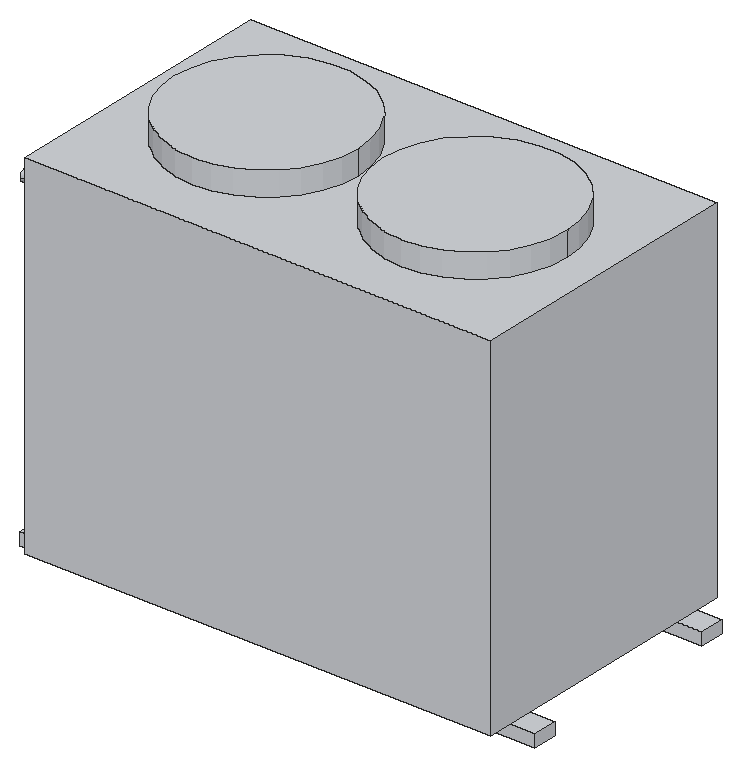
Revit family "Unidade de condensador - Sistema Split AC - 60-360 kBtu", category Equipamento mecânico, Revit 2019
Family settings
  Cota do conector redondo = Usar raio
  Tipo de parte = Normal
  ID de item do Seek = AHU Coil - Refrigerant - Indoor-0000-USA-ENU
  Com base no plano de trabalho = Não
  Sempre na vertical = Sim
  Corte com vazios quando carregada = Não
  Compartilhado = Não
  Ponto de cálculo do ambiente = Não
Parameters (values of type "Padrão")
  Voltagem = 0 V
  Comprimento da unidade = 960 mm
  Altura da unidade = 730 mm
  Número de pólos = 1
  Raio do ventilador de descarga = Diâmetro do ventilador de descarga / 2  # 190 mm
  Deslocamento do ventilador de descarga = Diâmetro do ventilador de descarga + 50 mm  # 430 mm
  Diâmetro do ventilador de descarga = if(Largura da unidade < Comprimento da unidade / 2, Largura da unidade - 100 mm, Comprimento da unidade / 2 - 100 mm)  # 380 mm
  Altura de conexão DX de saída = Altura da unidade - 50 mm  # 680 mm
  Altura de conexão DX de entrada = Altura base + 50 mm  # 75.725 mm
  Classificação de carga = Refrigeração
  Raio da drenagem = 11 mm
  Diâmetro da drenagem = Raio da drenagem * 2  # 22 mm
  Largura da unidade = 580 mm
  Capacidade de refrigeração = 0 Btu/h
  Material base = none
  Altura base = 25.725 mm
  Carga aparente = 0 VA
  Fluxo de ar [instance] = 2833.2 m³/h
  Deslocamento DX = Raio DX + 25 mm  # 37.5 mm
  Fluxo da drenagem [instance] = 0.0 L/s
  Material da unidade condensadora = none
  Raio DX = 12.5 mm
  Fluxo DX [instance] = 1.0 L/s
  Diâmetro DX = Raio DX * 2  # 25 mm
Reference planes
  plane 1 "Parte frontal": y = 0
  plane 2 "Inferior": z = 0
  plane 3 "Centro (direita/esquerda)": x = 0
  plane 4 "Esquerda": x = -480
  plane 5 "Direita": x = 480
  plane 6 "Centro (Frente/Trás)": y = 290
  plane 7 "Parte posterior": y = 580
  plane 8: y = 100.4
  plane 9: y = 25.4
  plane 10: y = 62.9
  plane 11 "Superior": z = 755.725
  plane 12: z = 217.862
  plane 13: x = -480
  plane 14: x = -530
  plane 15: z = 75.725
  plane 16: z = 680
  plane 17: z = 390.725
  plane 18 "Base": z = 25.725
  plane 19 "Dreno d": z = 36.725
  plane 20 "Parte inferior da descarga": z = 25.725
  plane 21: y = 50
  plane 22: y = 100
  plane 23: y = 530
  plane 24: y = 480
  plane 25: x = 530
  plane 26 "Topo da elétrica": z = 415.725
  plane 27 "Parte inferior da elétrica": z = 365.725
  plane 28 "Esquerda da elétrica": y = 315
  plane 29 "Direita da elétrica": y = 265
  plane 30 "Ventilador de descarga 1": x = -215
  plane 31 "Ventilador de descarga 2": x = 215
Forms (mm)
  Extrusion 1, solid, material <- "Material da unidade condensadora"
    sketch origin (0, 0, 0) x (1, 0, 0) y (0, 0, 1)
      loop
        line (-480, 755.725) -> (-480, 25.725) -> (480, 25.725) -> (480, 755.725) -> (-480, 755.725)
    from -580 to 0
  Extrusion 2, solid, material <- "Material da unidade condensadora"
    sketch origin (0, 0, -15) x (0, 1, 0) y (0, 0, 1)
      loop
        circle (290, 51.725) r 11
    from -530 to -480
  Extrusion 3, solid, material <- "Material da unidade condensadora"
    sketch origin (0, 0, 0) x (0, 1, 0) y (0, 0, 1)
      loop
        circle (62.9, 680) r 12.5
      loop
        circle (100.4, 75.725) r 12.5
    from -530 to -480
  Extrusion 4, solid, material <- "Material base"
    sketch origin (0, 0, 0) x (1, 0, 0) y (0, 1, 0)
      loop
        line (-530, 530) -> (-530, 480) -> (530, 480) -> (530, 530) -> (-530, 530)
    from 0 to 25.725
  Extrusion 5, solid, material <- "Material base"
    sketch origin (250, -194.812, 0) x (1, 0, 0) y (0, 1, 0)
      loop
        line (-780, 294.812) -> (-780, 244.812) -> (280, 244.812) -> (280, 294.812) -> (-780, 294.812)
    from 0 to 25.725
  Extrusion 6, solid, material <- "Material da unidade condensadora"
    sketch origin (-480, 0, 0) x (0, 1, 0) y (0, 0, 1)
      loop
        line (315, 415.725) -> (265, 415.725) -> (265, 365.725) -> (315, 365.725) -> (315, 415.725)
    from 0 to -5
  Extrusion 7, solid, material <- "Material da unidade condensadora"
    sketch origin (0, 0, 755.725) x (-1, 0, 0) y (0, -1, 0)
      loop
        circle (215, -290) r 190
      loop
        circle (-215, -290) r 190
    from 0 to 49.812
Cuts and joins
  joined: Extrusion 1, Extrusion 2, Extrusion 3
Dimensions and locks
  equal spacing: plane 4 "Esquerda", plane 3 "Centro (direita/esquerda)", plane 5 "Direita"
  "Comprimento da unidade": plane 4 "Esquerda" to plane 5 "Direita"
  locked: plane 1 "Parte frontal" to plane 9 at 25.4
  "Deslocamento DX": plane 10 to plane 9
  plane 4 "Esquerda" to plane 14 = 50 mm
  "Altura de conexão DX de entrada": plane 15 to plane 2 "Inferior"
  "Altura de conexão DX de saída": plane 16 to plane 2 "Inferior"
  "Deslocamento DX": plane 10 to plane 8
  equal spacing: plane 7 "Parte posterior", plane 6 "Centro (Frente/Trás)", plane 1 "Parte frontal"
  "Altura base": plane 18 "Base" to plane 2 "Inferior"
  "Raio da drenagem": plane 18 "Base" to plane 19 "Dreno d"
  locked: plane 22 to plane 21 at 50
  locked: plane 1 "Parte frontal" to plane 21 at 50
  locked: plane 24 to plane 23 at 50
  locked: plane 7 "Parte posterior" to plane 23 at 50
  locked: plane 5 "Direita" to plane 25 at 50
  equal spacing: plane 26 "Topo da elétrica", plane 17, plane 27 "Parte inferior da elétrica"
  locked: plane 26 "Topo da elétrica" to plane 27 "Parte inferior da elétrica" at 50
  equal spacing: plane 30 "Ventilador de descarga 1", plane 3 "Centro (direita/esquerda)", plane 31 "Ventilador de descarga 2"
  "Largura da unidade": plane 7 "Parte posterior" to plane 1 "Parte frontal"
  locked: Extrusion 7 to Extrusion 7 at 49.812
  "Deslocamento do ventilador de descarga": plane 30 "Ventilador de descarga 1" to plane 31 "Ventilador de descarga 2"
  "Altura da unidade": plane 11 "Superior" to plane 18 "Base"
  locked: plane 28 "Esquerda da elétrica" to plane 6 "Centro (Frente/Trás)" at 25
  locked: plane 6 "Centro (Frente/Trás)" to plane 29 "Direita da elétrica" at 25
  "Raio da drenagem": radius of Extrusion 2 sketch curve
  "Raio DX": radius of Extrusion 3 sketch curve  (x2)
  "Raio do ventilador de descarga": radius of Extrusion 7 sketch curve  (x2)
  aligned and locked: plane 4 "Esquerda" to Extrusion 1 sketch curve
  aligned and locked: Extrusion 1 sketch curve to plane 5 "Direita"
  aligned and locked: plane 6 "Centro (Frente/Trás)" to Extrusion 2 sketch curve
  aligned and locked: plane 4 "Esquerda" to Extrusion 2
  aligned and locked: plane 15 to Extrusion 3 sketch curve
  aligned and locked: plane 16 to Extrusion 3 sketch curve
  aligned and locked: Extrusion 3 to plane 14
  aligned and locked: plane 13 to Extrusion 3
  aligned and locked: plane 13 to plane 4 "Esquerda"
  aligned and locked: cut or joined group of Extrusion 1, Extrusion 2, Extrusion 3 to plane 18 "Base"
  aligned and locked: plane 19 "Dreno d" to Extrusion 2 sketch curve
  aligned and locked: plane 25 to Extrusion 4
  aligned and locked: Extrusion 4 to plane 14
  aligned and locked: Extrusion 4 to plane 23
  aligned and locked: Extrusion 4 to plane 24
  aligned and locked: Extrusion 4 to plane 2 "Inferior"
  aligned and locked: plane 18 "Base" to Extrusion 4
  aligned and locked: Extrusion 5 to plane 22
  aligned and locked: Extrusion 5 to plane 21
  aligned and locked: Extrusion 5 to plane 25
  aligned and locked: Extrusion 5 to plane 14
  aligned and locked: plane 18 "Base" to Extrusion 5
  aligned and locked: Extrusion 5 to plane 2 "Inferior"
  aligned and locked: plane 2 "Inferior" to Extrusion 4
  aligned and locked: Extrusion 4 to plane 18 "Base"
  aligned and locked: cut or joined group of Extrusion 1, Extrusion 2, Extrusion 3 to plane 13
  aligned and locked: cut or joined group of Extrusion 1, Extrusion 2, Extrusion 3 to plane 14
  aligned and locked: plane 8 to Extrusion 3 sketch curve
  aligned and locked: plane 10 to Extrusion 3 sketch curve
  aligned and locked: plane 28 "Esquerda da elétrica" to Extrusion 6 sketch curve
  aligned and locked: Extrusion 6 sketch curve to plane 29 "Direita da elétrica"
  aligned and locked: plane 27 "Parte inferior da elétrica" to Extrusion 6 sketch curve
  aligned and locked: cut or joined group of Extrusion 1, Extrusion 2, Extrusion 3 to plane 7 "Parte posterior"
  aligned and locked: plane 6 "Centro (Frente/Trás)" to Extrusion 7 sketch curve  (x2)
  aligned and locked: plane 30 "Ventilador de descarga 1" to Extrusion 7 sketch curve
  aligned and locked: plane 11 "Superior" to Extrusion 7
  aligned and locked: plane 31 "Ventilador de descarga 2" to Extrusion 7 sketch curve
  aligned and locked: plane 20 "Parte inferior da descarga" to plane 18 "Base"
  aligned and locked: Extrusion 1 sketch curve to plane 18 "Base"
  aligned and locked: Extrusion 1 sketch curve to plane 11 "Superior"
Automatic sketch dimensions
  Extrusion 4 sketch curve to plane 24 = 0 mm
  Extrusion 4 sketch curve to plane 25 = 0 mm
  Extrusion 4 sketch curve to plane 23 = 0 mm
  Extrusion 5 sketch curve to plane 25 = 0 mm
  Extrusion 5 sketch curve to plane 6 "Centro (Frente/Trás)" = 240 mm
  plane 24 to Extrusion 5 sketch curve = 380 mm
  Extrusion 4 sketch curve to plane 14 = 0 mm
  Extrusion 5 sketch curve to plane 14 = 0 mm
  Extrusion 6 sketch curve to plane 26 "Topo da elétrica" = 0 mm
Connectors
  piping at (-530, 62.9, 680), diameter 25, driven by "Fluxo DX", driven by "Raio DX"
    settings: on cut or joined group of Extrusion 1, Extrusion 2, Extrusion 3, index 3, connector inside diameter 25 mm, connector length 0 mm, flow factor 0, pipe flow 1.0 L/s, pressure drop 0.0 Pa, fitting loss kfactor 0, connector angle 0.00°, fixture units 0, engagement length 0 mm, angle of deflection 0.00°, flow configuration 1, flow direction 2, fitting loss method 0, system type 22, joint type 0, gender type 0, connector reference index 4, connector utility 0, adjustable connector no, is connector primary yes, connector description "Saída do refrigerante"
  piping at (-530, 100.4, 75.725), diameter 25, driven by "Raio DX", driven by "Fluxo DX"
    settings: on cut or joined group of Extrusion 1, Extrusion 2, Extrusion 3, index 4, connector inside diameter 25 mm, connector length 0 mm, flow factor 0, pipe flow 1.0 L/s, pressure drop 0.0 Pa, fitting loss kfactor 0, connector angle 0.00°, fixture units 0, engagement length 0 mm, angle of deflection 0.00°, flow configuration 1, flow direction 1, fitting loss method 0, system type 22, joint type 0, gender type 0, connector reference index 3, connector utility 0, adjustable connector no, is connector primary no, connector description "Entrada do refrigerante"
  piping at (-530, 290, 36.725), diameter 22, driven by "Raio da drenagem", driven by "Fluxo da drenagem"
    settings: on cut or joined group of Extrusion 1, Extrusion 2, Extrusion 3, index 5, connector inside diameter 22 mm, connector length 0 mm, flow factor 0, pipe flow 0.0 L/s, pressure drop 0.0 Pa, fitting loss kfactor 0, connector angle 0.00°, fixture units 0, engagement length 0 mm, angle of deflection 0.00°, flow configuration 1, flow direction 2, fitting loss method 0, system type 16, joint type 0, gender type 0, connector reference index -1, connector utility 0, adjustable connector yes, is connector primary no, connector description "Saída da drenagem"
  electrical at (-485, 290, 390.725), driven by "Número de pólos", driven by "Classificação de carga", driven by "Voltagem", driven by "Carga aparente"
    settings: on Extrusion 6, index 11, voltage 0 V, apparent load 0 VA, apparent load phase1 0 VA, apparent load phase2 0 VA, apparent load phase3 0 VA, power factor 0.8, load classification "Refrigeração", number of poles 1, system type 30, power factor state 1, is connector primary yes, connector utility no, sub classification motor no, connector description "Potência"
Types in the file's own list only (8): name | Comprimento da unidade | Altura da unidade | Número de pólos | Raio do ventilador de descarga | Deslocamento do ventilador de descarga | Diâmetro do ventilador de descarga | Altura de conexão DX de saída | Altura de conexão DX de entrada | Largura da unidade | Capacidade de refrigeração | Altura base | Deslocamento DX | Raio DX
  60000 Btu/h | 920 mm | 793 mm | 1 | 160 mm | 370 mm | 320 mm | 743 mm | 76 mm | 420 mm | 60000 Btu/h | 26 mm | 38 mm | 13 mm
  90000 Btu/h | 930 mm | 895 mm | 1 | 183 mm | 415 mm | 365 mm | 845 mm | 76 mm | 620 mm | 90000 Btu/h | 26 mm | 38 mm | 13 mm
  120000 Btu/h | 1140 mm | 996 mm | 1 | 235 mm | 520 mm | 470 mm | 946 mm | 76 mm | 800 mm | 120000 Btu/h | 26 mm | 38 mm | 13 mm
  150000 Btu/h | 1350 mm | 1250 mm | 2 | 288 mm | 625 mm | 575 mm | 1200 mm | 76 mm | 800 mm | 150000 Btu/h | 26 mm | 38 mm | 13 mm
  180000 Btu/h | 1590 mm | 1250 mm | 2 | 348 mm | 745 mm | 695 mm | 1200 mm | 76 mm | 800 mm | 180000 Btu/h | 26 mm | 38 mm | 13 mm
  240000 Btu/h | 1850 mm | 1598 mm | 2 | 413 mm | 875 mm | 825 mm | 1548 mm | 76 mm | 1060 mm | 240000 Btu/h | 26 mm | 38 mm | 13 mm
  300000 Btu/h | 1850 mm | 1598 mm | 2 | 413 mm | 875 mm | 825 mm | 1548 mm | 76 mm | 1060 mm | 300000 Btu/h | 26 mm | 38 mm | 13 mm
  360000 Btu/h | 1850 mm | 1600 mm | 2 | 413 mm | 875 mm | 825 mm | 1550 mm | 76 mm | 1060 mm | 360000 Btu/h | 26 mm | 38 mm | 13 mm
